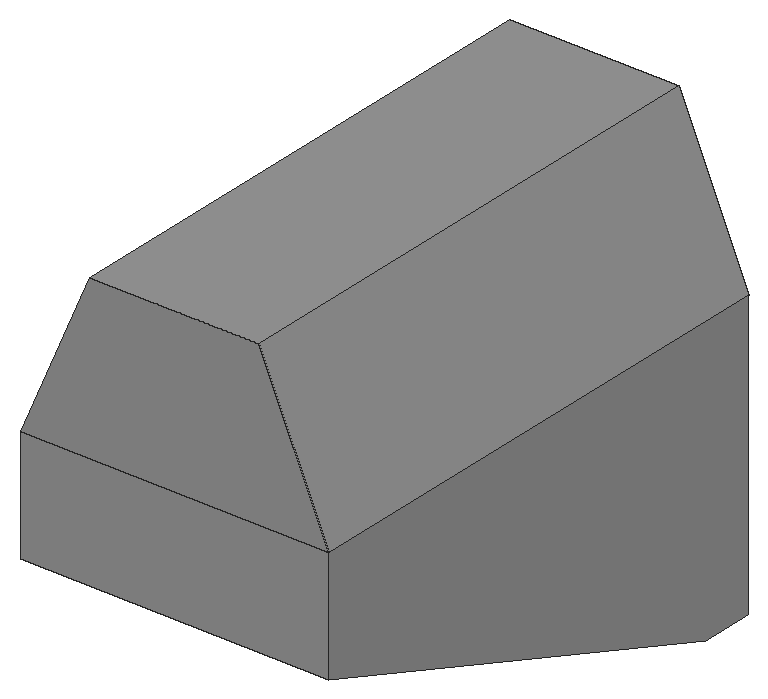
Revit family "НЕВАТОМ_Кожух защиты электродвигателя ВР 86-77 (Исп. 1), Версия 1", category Оборудование, Revit 2017
Family settings
  Размер круглого соединителя = Использовать диаметр
  Тип детали = Нормальный
  На основе рабочей плоскости = Нет
  Всегда вертикально = Да
  При загрузке вырезать с полостями = Нет
  Общий = Нет
  Точка расчета площади = Нет
Parameters (values of type "Кожух защиты электродвигателя ВР-86-77 (Исполнение 1)")
  Материал = Сталь оцинкованная
  Кожух = "НЕВАТОМ_Кожух защиты электродвигателя ВР 86-77, Исполнение 1"  # constant formula
  Исполнение = "Исполнение 1"  # constant formula
  t = 1 mm
  VR = 2.5
  T2 = A - 2 mm  # 96 mm
  T1 = B - 2 mm  # 177 mm
  Ln = L - 2 mm  # 303 mm
  Lm = size_lookup(Кожух, "Lm", 31 mm, VR)  # 31 mm
  L = size_lookup(Кожух, "L", 305 mm, VR)  # 305 mm
  Hm = size_lookup(Кожух, "Hm", -94 mm, VR)  # -94.86 mm
  H = size_lookup(Кожух, "H", 215 mm, VR)  # 120 mm
  B = size_lookup(Кожух, "b", 179 mm, VR)  # 179 mm
  ADSK_Примечание = ""
  ADSK_Позиция = ""
  ADSK_Обозначение = ""
  ADSK_Наименование = size_lookup(Кожух, "", "Кожух защиты электродвигателя ВР-86-77-2.5", VR)  # "Кожух защиты электродвигателя ВР-86-77-2.5 (Исп. 1)"
  ADSK_Масса = 0
  ADSK_Марка = ""
  ADSK_Код изделия = ""
  ADSK_Завод-изготовитель = "НЕВАТОМ"
  ADSK_Единица измерения = "шт."
  A = 98 mm
Reference planes
  plane 1 "По центру (Вперед/Назад)": y = 0
  plane 2: z = 0
  plane 3 "По центру (Влево/Вправо)": x = 0
  plane 4: y = 152.5
  plane 5: x = -49
  plane 6: x = 49
  plane 7: y = -152.5
  plane 8: x = 89.5
  plane 9: x = -89.5
  plane 10: y = 152.5
  plane 11: y = -152.5
Forms (mm)
  Blend 1, solid, material "Сталь оцинкованная" <- "Материал"
    base sketch origin (0, 0, 0) x (1, 0, 0) y (0, 1, 0)
      loop
        line (-49, -152.5) -> (49, -152.5) -> (49, 152.5) -> (-49, 152.5) -> (-49, -152.5)
    top sketch origin (0, 0, 0) x (1, 0, 0) y (0, 1, 0)
      loop
        line (89.5, -152.5) -> (89.5, 152.5) -> (-89.5, 152.5) -> (-89.5, -152.5) -> (89.5, -152.5)
    from 0 to -94.86 <- "Hm"
  Extrusion 2, solid, material "Сталь оцинкованная" <- "Материал"
    sketch origin (0, 0, 0) x (0, 1, 0) y (0, 0, 1)
      loop
        line (152.5, -94.86) -> (-152.5, -94.86) -> (-152.5, -160.72) -> (121.5, -260.72) -> (152.5, -260.72) -> (152.5, -94.86)
    from -89.5 to 89.5
Dimensions and locks
  equal spacing: plane 5, plane 3 "По центру (Влево/Вправо)", plane 6
  "A": plane 5 to plane 6
  equal spacing: plane 4, plane 1 "По центру (Вперед/Назад)", plane 7
  "L": plane 4 to plane 7
  equal spacing: plane 9, plane 3 "По центру (Влево/Вправо)", plane 8
  "B": plane 9 to plane 8
  equal spacing: plane 10, plane 1 "По центру (Вперед/Назад)", plane 11
  "L": plane 10 to plane 11
  Blend 1 to Blend 1 = 40.5 mm  (x2)
  Blend 1 to Blend 1 = 94.86 mm
  aligned and locked: level to plane 2
  aligned and locked: plane 7 to Blend 1 sketch curve
  aligned and locked: plane 4 to Blend 1 sketch curve
  aligned and locked: plane 6 to Blend 1 sketch curve
  aligned and locked: Blend 1 sketch curve to plane 5
  aligned and locked: plane 10 to Blend 1 sketch curve
  aligned and locked: plane 8 to Blend 1 sketch curve
  aligned and locked: plane 9 to Blend 1 sketch curve
  aligned and locked: plane 11 to Blend 1 sketch curve
  aligned and locked: Extrusion 2 to Blend 1  (x4)
  aligned and locked: Blend 1 to Extrusion 2
Automatic sketch dimensions
  Extrusion 2 sketch curve to Extrusion 2 sketch curve = 31 mm
  Extrusion 2 sketch curve to level = 94.86 mm
  plane 1 "По центру (Вперед/Назад)" to Extrusion 2 sketch curve = 152.5 mm
  Extrusion 2 sketch curve to plane 1 "По центру (Вперед/Назад)" = 121.5 mm
  Extrusion 2 sketch curve to Extrusion 2 sketch curve = 65.86 mm
  Extrusion 2 sketch curve to Extrusion 2 sketch curve = 165.86 mm
